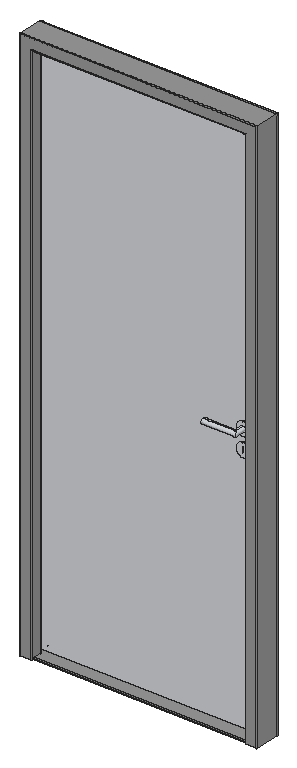
Revit family "Daloc T10 snabbsortiment", category Doors, host Wall, Revit 2017
Family settings
  Host = Wall
  OmniClass Number = 23.30.10.00
  OmniClass Title = Doors
  Always vertical = Yes
  Cut with Voids When Loaded = No
  Shared = No
  Room Calculation Point = No
Parameters (values of type "9x21")
  Vänsterhängd [instance] = no
  Visa kollisionskontroll [instance] = no
  Tröskeltyp V [instance] = no
  Tröskeltyp L [instance] = no
  Tröskeltyp H [instance] = no
  Tröskeltyp G [instance] = no
  Tröskeltyp CH [instance] = no
  Tröskeltyp CG [instance] = no
  Tröskeltyp B [instance] = yes
  Släplist extrusion end [instance] = Dörrblad bredd + 33 mm  # 857 mm
  Släplist [instance] = or(Tröskeltyp CH, Tröskeltyp CG, Tröskeltyp B)  # yes
  Rough Width = Modulbredd * 100 mm  # 900 mm
  Monteringshål 99 till 130 [instance] = or(Dörrkarm 45x118, Dörrkarm 45x122, Dörrkarm 45x145)  # no
  Monteringshål 68 till 98 [instance] = or(Dörrkarm 45x68, Dörrkarm 45x92, Dörrkarm 45x98)  # yes
  Modulhöjd [instance] = 21  # constant formula
  Kulör dörrblad [instance] = none
  Kollisionskontroll vänster [instance] = and(Vänsterhängd, Visa kollisionskontroll)  # no
  Kollisionskontroll höger [instance] = and(Högerhängd, Visa kollisionskontroll)  # no
  Högerhängd [instance] = yes
  Function = Interior
  Frigång [instance] = Daloc kollisionskontroll
  Frame Projection Ext. = 25 mm
  Frame Projection Int. = 25 mm
  Frame Width = 75 mm
  Height = 2100 mm
  Wall Closure = By host
  Width = Modulbredd * 100 mm  # 900 mm
  Modulbredd = 9
  Extra monteringshål 92 till 98 [instance] = and(Extra monteringshål, or(Dörrkarm 45x92, Dörrkarm 45x98))  # no
  Extra monteringshål [instance] = no
  End extrusion kollisionsvolymer [instance] = Dörrblad ÖK + 15 mm  # 2060 mm
  Dörrstängare Vänster G [instance] = and(Vänsterhängd, Dörrstängare G sida)  # no
  Dörrstängare Vänster A [instance] = and(Vänsterhängd, Dörrstängare A sida)  # no
  Dörrstängare Höger G [instance] = and(Högerhängd, Dörrstängare G sida)  # no
  Dörrstängare Höger A [instance] = and(Högerhängd, Dörrstängare A sida)  # no
  Dörrstängare G sida [instance] = no
  Dörrstängare A sida [instance] = no
  Dörrkarm 45x98 [instance] = yes
  Dörrkarm 45x92 [instance] = no
  Dörrkarm 45x68 [instance] = no
  Dörrkarm 45x145 [instance] = no
  Dörrkarm 45x122 [instance] = no
  Dörrkarm 45x118 [instance] = no
  Dörrblad ÖK [instance] = Height - 55 mm  # 2045 mm
  Dörrblad tjocklek [instance] = 48 mm  # constant formula
  Dörrblad bredd [instance] = Width - 76 mm  # 824 mm
  Dörrblad UK [instance] = 15 mm
  Datablad [instance] = "http://www.dorrkatalogen.daloc.se/tradorrar/T10/"
Types (4, lengths in mm): name | Släplist extrusion end | Rough Width | Width | Modulbredd | Dörrblad bredd
  (no name) | 857 | 900 | 900 | 9 | 824
  8x21 | 757 | 800 | 800 | 8 | 724
  9x21 | 857 | 900 | 900 | 9 | 824
  10x21 | 957 | 1000 | 1000 | 10 | 924
Reference planes
  plane 1: y = 0
  plane 2 "Center (Left/Right)": x = 0
  plane 3 "Left": x = -450
  plane 4 "Right": x = 450
  plane 5: z = 2100
  plane 6 "Exterior": y = 75
  plane 7 "Interior": y = -75
  plane 8: x = 445
  plane 9: x = -445
  plane 10: z = 2093
  plane 11 "tröskel h": x = -430
  plane 12 "tröskel v": x = 430
Forms (mm)
  Sweep 1, solid, material "Daloc dörrkarm VIT S 0500-N", visible <- "Dörrkarm 45x145"
    path origin (0, 75, 0) x (1, 0, 0) y (0, 0, 1)
      loop
        line (445, 0) -> (445, 2093) -> (-445, 2093) -> (-445, 0)
    profile "Träkarm_Profil_45 : 45x145" origin (445, 75, 1046.5) x (-1, 0, 0) y (0, -1, 0)
      loop
        arc (27, 0) -> (29.121, 0.879) -> (30, 3) r 3
        line (30, 3) -> (30, 51)
        arc (30, 51) -> (30.293, 51.707) -> (31, 52) r 1
        line (31, 52) -> (42, 52)
        arc (42, 52) -> (44.121, 52.879) -> (45, 55) r 3
        line (45, 55) -> (45, 142)
        arc (45, 142) -> (44.121, 144.121) -> (42, 145) r 3
        line (42, 145) -> (3, 145)
        arc (3, 145) -> (0.879, 144.121) -> (0, 142) r 3
        line (0, 142) -> (0, 3)
        arc (0, 3) -> (0.879, 0.879) -> (3, 0) r 3
        line (3, 0) -> (27, 0)
  Sweep 2, solid, material "Daloc dörrkarm VIT S 0500-N", visible <- "Dörrkarm 45x122"
    path origin (0, 75, 0) x (1, 0, 0) y (0, 0, 1)
      loop
        line (445, 0) -> (445, 2093) -> (-445, 2093) -> (-445, 0)
    profile "Träkarm_Profil_45 : 45x122" origin (445, 75, 1046.5) x (-1, 0, 0) y (0, -1, 0)
      loop
        arc (27, 0) -> (29.121, 0.879) -> (30, 3) r 3
        line (30, 3) -> (30, 51)
        arc (30, 51) -> (30.293, 51.707) -> (31, 52) r 1
        line (31, 52) -> (42, 52)
        arc (42, 52) -> (44.121, 52.879) -> (45, 55) r 3
        line (45, 55) -> (45, 119)
        arc (45, 119) -> (44.121, 121.121) -> (42, 122) r 3
        line (42, 122) -> (3, 122)
        arc (3, 122) -> (0.879, 121.121) -> (0, 119) r 3
        line (0, 119) -> (0, 3)
        arc (0, 3) -> (0.879, 0.879) -> (3, 0) r 3
        line (3, 0) -> (27, 0)
  Sweep 3, solid, material "Daloc dörrkarm VIT S 0500-N", visible <- "Dörrkarm 45x118"
    path origin (0, 75, 0) x (1, 0, 0) y (0, 0, 1)
      loop
        line (445, 0) -> (445, 2093) -> (-445, 2093) -> (-445, 0)
    profile "Träkarm_Profil_45 : 45x118" origin (445, 75, 1046.5) x (-1, 0, 0) y (0, -1, 0)
      loop
        arc (27, 0) -> (29.121, 0.879) -> (30, 3) r 3
        line (30, 3) -> (30, 51)
        arc (30, 51) -> (30.293, 51.707) -> (31, 52) r 1
        line (31, 52) -> (42, 52)
        arc (42, 52) -> (44.121, 52.879) -> (45, 55) r 3
        line (45, 55) -> (45, 115)
        arc (45, 115) -> (44.121, 117.121) -> (42, 118) r 3
        line (42, 118) -> (3, 118)
        arc (3, 118) -> (0.879, 117.121) -> (0, 115) r 3
        line (0, 115) -> (0, 3)
        arc (0, 3) -> (0.879, 0.879) -> (3, 0) r 3
        line (3, 0) -> (27, 0)
  Sweep 4, solid, material "Daloc dörrkarm VIT S 0500-N", visible <- "Dörrkarm 45x98"
    path origin (0, 75, 0) x (1, 0, 0) y (0, 0, 1)
      loop
        line (445, 0) -> (445, 2093) -> (-445, 2093) -> (-445, 0)
    profile "Träkarm_Profil_45 : 45x98" origin (445, 75, 1046.5) x (-1, 0, 0) y (0, -1, 0)
      loop
        arc (27, 0) -> (29.121, 0.879) -> (30, 3) r 3
        line (30, 3) -> (30, 51)
        arc (30, 51) -> (30.293, 51.707) -> (31, 52) r 1
        line (31, 52) -> (42, 52)
        arc (42, 52) -> (44.121, 52.879) -> (45, 55) r 3
        line (45, 55) -> (45, 95)
        arc (45, 95) -> (44.121, 97.121) -> (42, 98) r 3
        line (42, 98) -> (3, 98)
        arc (3, 98) -> (0.879, 97.121) -> (0, 95) r 3
        line (0, 95) -> (0, 3)
        arc (0, 3) -> (0.879, 0.879) -> (3, 0) r 3
        line (3, 0) -> (27, 0)
  Sweep 5, solid, material "Daloc dörrkarm VIT S 0500-N", visible <- "Dörrkarm 45x92"
    path origin (0, 75, 0) x (1, 0, 0) y (0, 0, 1)
      loop
        line (445, 0) -> (445, 2093) -> (-445, 2093) -> (-445, 0)
    profile "Träkarm_Profil_45 : 45x92" origin (445, 75, 1046.5) x (-1, 0, 0) y (0, -1, 0)
      loop
        arc (27, 0) -> (29.121, 0.879) -> (30, 3) r 3
        line (30, 3) -> (30, 51)
        arc (30, 51) -> (30.293, 51.707) -> (31, 52) r 1
        line (31, 52) -> (42, 52)
        arc (42, 52) -> (44.121, 52.879) -> (45, 55) r 3
        line (45, 55) -> (45, 89)
        arc (45, 89) -> (44.121, 91.121) -> (42, 92) r 3
        line (42, 92) -> (3, 92)
        arc (3, 92) -> (0.879, 91.121) -> (0, 89) r 3
        line (0, 89) -> (0, 3)
        arc (0, 3) -> (0.879, 0.879) -> (3, 0) r 3
        line (3, 0) -> (27, 0)
  Sweep 6, solid, material "Daloc dörrkarm VIT S 0500-N", visible <- "Dörrkarm 45x68"
    path origin (0, 75, 0) x (1, 0, 0) y (0, 0, 1)
      loop
        line (445, 0) -> (445, 2093) -> (-445, 2093) -> (-445, 0)
    profile "Träkarm_Profil_45 : 45x68" origin (445, 75, 1046.5) x (-1, 0, 0) y (0, -1, 0)
      loop
        arc (27, 0) -> (29.121, 0.879) -> (30, 3) r 3
        line (30, 3) -> (30, 51)
        arc (30, 51) -> (30.293, 51.707) -> (31, 52) r 1
        line (31, 52) -> (42, 52)
        arc (42, 52) -> (44.121, 52.879) -> (45, 55) r 3
        line (45, 55) -> (45, 65)
        arc (45, 65) -> (44.121, 67.121) -> (42, 68) r 3
        line (42, 68) -> (3, 68)
        arc (3, 68) -> (0.879, 67.121) -> (0, 65) r 3
        line (0, 65) -> (0, 3)
        arc (0, 3) -> (0.879, 0.879) -> (3, 0) r 3
        line (3, 0) -> (27, 0)
  Extrusion 7, solid, material "Daloc tröskel EK", visible <- "Tröskeltyp H"
    sketch origin (0, 1371.396, -1281.888) x (0, 1, 0) y (0, 0, 1)
      loop
        arc (-1387.333, 1301.886) -> (-1386.455, 1304.007) -> (-1384.333, 1304.886) r 3.001
        line (-1384.333, 1304.886) -> (-1348.885, 1304.886)
        arc (-1348.885, 1304.886) -> (-1347.827, 1304.448) -> (-1347.388, 1303.39) r 1.496
        line (-1347.388, 1303.39) -> (-1347.388, 1291.888) -> (-1299.396, 1291.888)
        arc (-1299.396, 1291.888) -> (-1297.275, 1291.009) -> (-1296.396, 1288.888) r 3
        line (-1296.396, 1288.888) -> (-1296.396, 1281.888) -> (-1387.396, 1281.888) -> (-1387.396, 1301.888)
    from -430 to 430
  Extrusion 8, solid, material "Daloc tröskel EK", visible <- "Tröskeltyp L"
    sketch origin (0, 1286.671, -1742.654) x (0, 1, 0) y (0, 0, 1)
      loop
        arc (-1211.671, 1749.654) -> (-1212.55, 1751.776) -> (-1214.671, 1752.654) r 3
        line (-1214.671, 1752.654) -> (-1266.671, 1752.654)
        arc (-1266.671, 1752.654) -> (-1267.378, 1752.947) -> (-1267.671, 1753.654) r 1
        line (-1267.671, 1753.654) -> (-1267.671, 1762.654)
        arc (-1267.671, 1762.654) -> (-1268.55, 1764.776) -> (-1270.671, 1765.654) r 3
        line (-1270.671, 1765.654) -> (-1300.671, 1765.654)
        arc (-1300.671, 1765.654) -> (-1302.792, 1764.776) -> (-1303.671, 1762.654) r 3
        line (-1303.671, 1762.654) -> (-1303.671, 1742.654) -> (-1211.671, 1742.654) -> (-1211.671, 1749.654)
    from -430 to 430
  Extrusion 9, solid, material "Daloc tröskel EK", visible <- "Tröskeltyp B"
    sketch origin (0, 1891.855, -1544.4) x (0, 1, 0) y (0, 0, 1)
      loop
        arc (-1816.855, 1550.4) -> (-1817.441, 1551.814) -> (-1818.855, 1552.4) r 2
        line (-1818.855, 1552.4) -> (-1906.855, 1552.4)
        arc (-1906.855, 1552.4) -> (-1908.269, 1551.814) -> (-1908.855, 1550.4) r 2
        line (-1908.855, 1550.4) -> (-1908.855, 1544.4) -> (-1816.855, 1544.4) -> (-1816.855, 1550.4)
    from -430 to 430
  Extrusion 10, solid, material "ABS Plastic", visible <- "Tröskeltyp CH"
    sketch origin (0, 1957.784, -1780.388) x (0, 1, 0) y (0, 0, 1)
      loop
        arc (-1882.784, 1783.388) -> (-1917.784, 1790.388) -> (-1952.784, 1783.388) r 91
        line (-1952.784, 1783.388) -> (-1952.784, 1780.388) -> (-1882.784, 1780.388) -> (-1882.784, 1783.388)
    from -430 to 430
  Extrusion 11, solid, material "Daloc tröskel EK", visible <- "Tröskeltyp G"
    sketch origin (0, 1271.835, -1459.847) x (0, 1, 0) y (0, 0, 1)
      loop
        line (-1196.835, 1459.847) -> (-1196.835, 1466.847)
        arc (-1196.835, 1466.847) -> (-1197.713, 1468.968) -> (-1199.835, 1469.847) r 3
        line (-1199.835, 1469.847) -> (-1247.835, 1469.847) -> (-1247.835, 1481.347)
        arc (-1247.835, 1481.347) -> (-1248.274, 1482.408) -> (-1249.335, 1482.847) r 1.5
        line (-1249.335, 1482.847) -> (-1267.835, 1482.847)
        arc (-1267.835, 1482.847) -> (-1268.402, 1482.793) -> (-1268.949, 1482.632) r 3
        line (-1268.949, 1482.632) -> (-1285.949, 1477.632)
        arc (-1285.949, 1477.632) -> (-1287.319, 1476.529) -> (-1287.835, 1474.847) r 3
        line (-1287.835, 1474.847) -> (-1287.835, 1459.847) -> (-1196.835, 1459.847)
    from -430 to 430
  Extrusion 12, solid, material "Daloc tröskel EK", visible <- "Tröskeltyp V"
    sketch origin (0, 1480.056, -1792.621) x (0, 1, 0) y (0, 0, 1)
      loop
        arc (-1405.056, 1799.621) -> (-1405.934, 1801.742) -> (-1408.056, 1802.621) r 3
        line (-1408.056, 1802.621) -> (-1460.056, 1802.621)
        arc (-1460.056, 1802.621) -> (-1460.763, 1802.914) -> (-1461.056, 1803.621) r 1
        line (-1461.056, 1803.621) -> (-1461.056, 1812.621)
        arc (-1461.056, 1812.621) -> (-1461.934, 1814.742) -> (-1464.056, 1815.621) r 3
        line (-1464.056, 1815.621) -> (-1494.056, 1815.621)
        arc (-1494.056, 1815.621) -> (-1496.177, 1814.742) -> (-1497.056, 1812.621) r 3
        line (-1497.056, 1812.621) -> (-1497.056, 1807.621) -> (-1494.056, 1807.621) -> (-1494.056, 1792.621) -> (-1405.056, 1792.621) -> (-1405.056, 1799.621)
    from -430 to 430
  Extrusion 13, solid, material "ABS Plastic", visible <- "Tröskeltyp CG"
    sketch origin (0, 751.018, -810.252) x (0, 1, 0) y (0, 0, 1)
      loop
        line (-667.018, 811.099) -> (-677.327, 811.584) -> (-676.018, 815.599) -> (-685.018, 815.599)
        arc (-685.018, 815.599) -> (-715.018, 820.599) -> (-745.018, 815.599) r 92.5
        line (-745.018, 815.599) -> (-754.018, 815.599) -> (-752.708, 811.584) -> (-763.018, 811.099) -> (-763.018, 810.252) -> (-667.018, 810.252) -> (-667.018, 811.099)
    from -430 to 430
  Extrusion 14, solid, material "Stainless Steel", visible <- "Högerhängd"
    sketch origin (0, 0, 0) x (1, 0, 0) y (0, 1, 0)
      loop
        circle (-412, 83.5) r 8.5
    from 190 to 310
  Extrusion 15, solid, material "Stainless Steel", visible <- "Högerhängd"
    sketch origin (0, 0, 0) x (1, 0, 0) y (0, 1, 0)
      loop
        circle (-412, 83.5) r 8.5
    from 1730 to 1858
  Extrusion 16, solid, material "Stainless Steel", visible <- "Vänsterhängd"
    sketch origin (0, 0, 0) x (1, 0, 0) y (0, 1, 0)
      loop
        circle (412, 83.5) r 8.5
    from 190 to 310
  Extrusion 17, solid, material "Stainless Steel", visible <- "Vänsterhängd"
    sketch origin (0, 0, 0) x (1, 0, 0) y (0, 1, 0)
      loop
        circle (412, 83.5) r 8.5
    from 1730 to 1858
  Extrusion 18, solid, material "Daloc kollisionskontroll" <- "Frigång", visible <- "Kollisionskontroll höger"
    sketch origin (0, 0, 0) x (1, 0, 0) y (0, 1, 0)
      loop
        line (-412, 75) -> (412, 75)
        arc (412, 75) -> (-340.184, 895.864) -> (-1223.482, 218.086) r 824
        line (-1223.482, 218.086) -> (-412, 75)
    from 15 <- "Dörrblad UK" to 2060 <- "End extrusion kollisionsvolymer"
  Extrusion 19, solid, material "Daloc kollisionskontroll" <- "Frigång", visible <- "Kollisionskontroll vänster"
    sketch origin (0, 0, 0) x (1, 0, 0) y (0, 1, 0)
      loop
        line (412, 75) -> (1223.482, 218.086)
        arc (1223.482, 218.086) -> (340.184, 895.864) -> (-412, 75) r 824
        line (-412, 75) -> (412, 75)
    from 15 <- "Dörrblad UK" to 2060 <- "End extrusion kollisionsvolymer"
  Extrusion 20, solid, material "Hål", visible <- "Monteringshål 68 till 98"
    sketch origin (-445, 300, -532.866) x (0, 0, -1) y (0, 1, 0)
      loop
        circle (-729.866, -258) r 7
      loop
        circle (-1319.866, -258) r 7
      loop
        circle (-2006.866, -258) r 7
      loop
        circle (-2428.866, -258) r 7
    from 0 to 30.1
  Extrusion 21, solid, material "Hål", visible <- "Monteringshål 68 till 98"
    sketch origin (445, 300, 2968.966) x (0, 0, 1) y (0, 1, 0)
      loop
        circle (-2771.966, -258) r 7
      loop
        circle (-2181.966, -258) r 7
      loop
        circle (-1494.966, -258) r 7
      loop
        circle (-1072.966, -258) r 7
    from 0 to 30.1
  Extrusion 22, solid, material "Hål", visible <- "Extra monteringshål 92 till 98"
    sketch origin (445, 300, 2968.966) x (0, 0, 1) y (0, 1, 0)
      loop
        circle (-2771.966, -291) r 7
      loop
        circle (-2181.966, -291) r 7
      loop
        circle (-1494.966, -291) r 7
      loop
        circle (-1072.966, -291) r 7
    from 0 to 45.1
  Extrusion 23, solid, material "Hål", visible <- "Extra monteringshål 92 till 98"
    sketch origin (-445, 300, -532.866) x (0, 0, -1) y (0, 1, 0)
      loop
        circle (-729.866, -291) r 7
      loop
        circle (-1319.866, -291) r 7
      loop
        circle (-2006.866, -291) r 7
      loop
        circle (-2428.866, -291) r 7
    from 0 to 45.1
  Extrusion 24, solid, material "Hål", visible <- "Monteringshål 99 till 130"
    sketch origin (-445, 300, -532.866) x (0, 0, -1) y (0, 1, 0)
      loop
        circle (-2428.866, -291) r 7
      loop
        circle (-2006.866, -291) r 7
      loop
        circle (-1319.866, -291) r 7
      loop
        circle (-729.866, -291) r 7
    from 0 to 45.1
  Extrusion 25, solid, material "Hål", visible <- "Monteringshål 99 till 130"
    sketch origin (445, 300, 2968.966) x (0, 0, 1) y (0, 1, 0)
      loop
        circle (-1072.966, -291) r 7
      loop
        circle (-1494.966, -291) r 7
      loop
        circle (-2181.966, -291) r 7
      loop
        circle (-2771.966, -291) r 7
    from 0 to 45.1
  Extrusion 26, solid, material "Hål", visible <- "Dörrkarm 45x145"
    sketch origin (-445, 300, -532.866) x (0, 0, -1) y (0, 1, 0)
      loop
        circle (-729.866, -330) r 7
      loop
        circle (-1319.866, -330) r 7
      loop
        circle (-2006.866, -330) r 7
      loop
        circle (-2428.866, -330) r 7
    from 0 to 45.1
  Extrusion 27, solid, material "Hål", visible <- "Dörrkarm 45x145"
    sketch origin (445, 300, 2968.966) x (0, 0, 1) y (0, 1, 0)
      loop
        circle (-2771.966, -330) r 7
      loop
        circle (-2181.966, -330) r 7
      loop
        circle (-1494.966, -330) r 7
      loop
        circle (-1072.966, -330) r 7
    from 0 to 45.1
  Extrusion 28, solid, material "Rubber, Natural", visible <- "Släplist"
    sketch origin (-445, -1181.712, -1921.557) x (0, 0, -1) y (0, 1, 0)
      loop
        line (-1936.557, 1226.964) -> (-1933.555, 1226.964)
        arc (-1933.555, 1226.964) -> (-1931.269, 1231.819) -> (-1930.45, 1237.122) r 18.772
        arc (-1930.45, 1237.122) -> (-1931.543, 1232.868) -> (-1933.555, 1228.964) r 19.616
        line (-1933.555, 1228.964) -> (-1933.555, 1236.964)
        arc (-1933.555, 1236.964) -> (-1929.854, 1241.135) -> (-1928.451, 1246.531) r 11.932
        arc (-1928.451, 1246.531) -> (-1930.372, 1242.322) -> (-1933.555, 1238.964) r 14.051
        line (-1933.555, 1238.964) -> (-1936.557, 1238.964) -> (-1936.557, 1226.964)
    from 33 to 857 <- "Släplist extrusion end"
Lines and regions (mm)
  Opening 1
    outline origin (-3050, -75, 0) x (1, 0, 0) y (0, 0, 1)
      loop
        line (2600, 0) -> (3500, 0) -> (3500, 2100) -> (2600, 2100) -> (2600, 0)
  symbolic lines, style "Elevation Swing"
    curve 1: line (450, -75, 1050) -> (-450, -75, 2100)
    curve 2: line (450, -75, 1050) -> (-450, -75, 0)
  symbolic lines, visible <- "Högerhängd"
    curve 3: line (-412, 75, 0) -> (-1223.482, 218.086, 0)
    curve 4: arc (-1223.482, 218.086, 0) -> (-340.184, 895.864, 0) -> (412, 75, 0) r 824
  symbolic lines, visible <- "Vänsterhängd"
    curve 5: line (412, 75, 0) -> (1223.482, 218.086, 0)
    curve 6: arc (1223.482, 218.086, 0) -> (340.184, 895.864, 0) -> (-412, 75, 0) r 824
Text (mm)
  text "Exterior" at (-2295.016, 1099.543, 0), in view "Ref. Level"
  text "Exterior" at (0, 1615.38, 3698.081), in view "Left"
  text "Exterior" at (0, 1036.032, 3874.932), in view "Right"
Dimensions and locks
  equal spacing: plane 3 "Left", plane 2 "Center (Left/Right)", plane 4 "Right"
  "Width": plane 3 "Left" to plane 4 "Right"
  "Height": plane 5 to host wall
  equal spacing: host wall, curve 2, plane 5
  host wall to plane 5 = 2100 mm
  locked: plane 6 "Exterior" to host wall at 0
  locked: plane 7 "Interior" to host wall
  locked: plane 8 to plane 4 "Right" at 5
  locked: plane 3 "Left" to plane 9 at 5
  locked: plane 10 to plane 5 at 7
  locked: nested 3 to nested 1 at 55
  locked: nested 1 to nested 2 at 55
  locked: nested 4 to nested 1 at 55
  locked: nested 1 to nested 5 at 55
  locked: plane 6 "Exterior" to Extrusion 8 at 0
  locked: Extrusion 8 to level
  locked: plane 6 "Exterior" to Extrusion 9 at 0
  locked: Extrusion 9 to level
  locked: Extrusion 10 to level
  locked: plane 6 "Exterior" to Extrusion 10 at 0
  locked: plane 6 "Exterior" to Extrusion 11 at 0
  locked: Extrusion 11 to level
  locked: plane 6 "Exterior" to Extrusion 12 at 0
  locked: Extrusion 12 to level
  locked: plane 6 "Exterior" to nested 6 at 0
  locked: plane 6 "Exterior" to nested 7 at 0
  locked: nested 1 to Extrusion 14 sketch curve at 8.5
  locked: nested 1 to Extrusion 14 sketch curve at 0
  locked: nested 1 to Extrusion 15 sketch curve at 8.5
  locked: nested 1 to Extrusion 15 sketch curve
  nested 1 to Extrusion 16 sketch curve = 8.5 mm
  Extrusion 16 sketch curve to nested 1 = 0 mm
  nested 1 to Extrusion 17 sketch curve = 8.5 mm
  Extrusion 17 sketch curve to nested 1 = 0 mm
  "Dörrblad bredd": curve 3 to curve 3
  locked: curve 3 to nested 1
  locked: nested 1 to curve 3
  "Dörrblad bredd": curve 5 to curve 5
  locked: nested 1 to curve 5 at 0  (x2)
  locked: plane 3 "Left" to plane 11 "tröskel h" at 20
  locked: plane 12 "tröskel v" to plane 4 "Right" at 20
  locked: Extrusion 20 sketch curve to level at 197
  locked: Extrusion 20 sketch curve to level at 787
  locked: Extrusion 20 sketch curve to level at 1474
  locked: Extrusion 20 sketch curve to level at 1896
  locked: plane 6 "Exterior" to Extrusion 20 sketch curve at 33  (x4)
  locked: Extrusion 22 sketch curve to level at 197
  locked: Extrusion 22 sketch curve to level at 787
  locked: Extrusion 22 sketch curve to level at 1474
  locked: Extrusion 22 sketch curve to level at 1896
  locked: Extrusion 22 sketch curve to plane 6 "Exterior" at 66  (x3)
  Extrusion 22 sketch curve to plane 6 "Exterior" = 66 mm
  locked: Extrusion 26 sketch curve to level at 197
  locked: Extrusion 26 sketch curve to level at 787
  locked: Extrusion 26 sketch curve to level at 1474
  locked: Extrusion 26 sketch curve to level at 1896
  locked: plane 6 "Exterior" to Extrusion 26 sketch curve at 105  (x4)
  locked: nested 1 to nested 6 at 67
  locked: nested 7 to nested 1 at 67
  locked: nested 1 to nested 8 at 67
  locked: nested 9 to nested 1 at 67
  locked: level to Extrusion 13 at 0
  locked: Extrusion 13 to plane 6 "Exterior" at 9
  locked: Extrusion 10 sketch curve to Extrusion 10 sketch curve at 3
  locked: nested 1 to Extrusion 28 at 0
  locked: Extrusion 28 to nested 1 at 18.252
  Extrusion 13 sketch curve to Extrusion 13 sketch curve = 5.348 mm
  locked: Extrusion 13 sketch curve to Extrusion 13 sketch curve at 4.223
  locked: Extrusion 13 sketch curve to Extrusion 13 sketch curve at 78
  locked: Extrusion 10 sketch curve to Extrusion 10 sketch curve at 70
  locked: Extrusion 13 sketch curve to Extrusion 13 sketch curve at 9
  Extrusion 12 sketch curve to Extrusion 12 sketch curve = 89 mm
  Extrusion 12 sketch curve to Extrusion 12 sketch curve = 56 mm
  Extrusion 7 sketch curve to Extrusion 7 sketch curve = 50.992 mm
  plane 6 "Exterior" to Extrusion 7 sketch curve = 91 mm
  Extrusion 9 sketch curve to Extrusion 9 sketch curve = 92 mm
  Extrusion 11 sketch curve to Extrusion 11 sketch curve = 51 mm
  Extrusion 11 sketch curve to Extrusion 11 sketch curve = 91 mm
  Extrusion 11 sketch curve to Extrusion 11 sketch curve = 18.5 mm
  Extrusion 11 sketch curve to Extrusion 11 sketch curve = 17.72 mm
  Extrusion 8 sketch curve to Extrusion 8 sketch curve = 56 mm
  Extrusion 8 sketch curve to Extrusion 8 sketch curve = 36 mm
  radius of Extrusion 10 sketch curve = 91 mm
  radius of Extrusion 13 sketch curve = 92.5 mm
  locked: nested 1 to curve 3 (angle 170.00°)
  locked: curve 5 to nested 1 (angle 170.00°)
  aligned and locked: plane 3 "Left" to Opening 1 sketch curve
  aligned and locked: plane 5 to Opening 1 sketch curve  (x2)
  aligned and locked: Opening 1 sketch curve to plane 4 "Right"
  aligned and locked: Opening 1 sketch curve to level
  aligned and locked: plane 5 to curve 1
  aligned and locked: plane 3 "Left" to curve 2
  aligned and locked: plane 1 to host wall
  aligned and locked: plane 3 "Left" to curve 1
  aligned and locked: plane 2 "Center (Left/Right)" to nested 1
  aligned and locked: plane 6 "Exterior" to nested 1
  aligned and locked: Sweep 1 sketch curve to plane 8
  aligned and locked: plane 10 to Sweep 1 sketch curve
  aligned and locked: Sweep 1 sketch curve to plane 9
  aligned and locked: Sweep 2 sketch curve to Sweep 1  (x3)
  aligned and locked: Sweep 3 sketch curve to Sweep 1  (x3)
  aligned and locked: Sweep 4 sketch curve to Sweep 1  (x3)
  aligned and locked: Sweep 5 sketch curve to Sweep 1  (x3)
  aligned and locked: Sweep 6 sketch curve to Sweep 1  (x3)
  aligned and locked: nested 3 to nested 1
  aligned and locked: nested 1 to nested 2
  aligned and locked: nested 4 to nested 1
  aligned and locked: nested 1 to nested 5
  aligned and locked: Extrusion 7 to plane 6 "Exterior"
  aligned and locked: nested 1 to plane 6 "Exterior"
  aligned and locked: Extrusion 18 sketch curve to curve 3
  aligned and locked: Extrusion 18 sketch curve to curve 4
  aligned and locked: Extrusion 18 sketch curve to nested 1
  aligned and locked: Extrusion 19 sketch curve to curve 5
  aligned and locked: Extrusion 19 sketch curve to curve 6
  aligned and locked: Extrusion 19 sketch curve to nested 1
  aligned and locked: Extrusion 10 to plane 11 "tröskel h"
  aligned and locked: Extrusion 11 to Extrusion 10  (x2)
  aligned and locked: Extrusion 12 to Extrusion 10
  aligned and locked: Extrusion 7 to Extrusion 10  (x2)
  aligned and locked: Extrusion 8 to Extrusion 7  (x2)
  aligned and locked: Extrusion 9 to Extrusion 7  (x2)
  aligned and locked: plane 12 "tröskel v" to Extrusion 10
  aligned and locked: Extrusion 12 to Extrusion 7
  aligned and locked: Extrusion 20 to plane 9
  aligned and locked: Extrusion 21 sketch curve to Extrusion 20  (x7)
  aligned and locked: Extrusion 23 sketch curve to Extrusion 22  (x8)
  aligned and locked: Extrusion 24 sketch curve to Extrusion 23  (x8)
  aligned and locked: Extrusion 25 sketch curve to Extrusion 22  (x8)
  aligned and locked: Extrusion 27 sketch curve to Extrusion 26  (x8)
  aligned and locked: nested 8 to nested 1
  aligned and locked: Extrusion 13 to Extrusion 7
  aligned and locked: Extrusion 7 to Extrusion 13
  aligned and locked: nested 1 to Extrusion 28
Automatic sketch dimensions
  curve 2 to level = 0 mm
  plane 4 "Right" to curve 2 = 0 mm
  Sweep 1 sketch curve to level = 0 mm  (x2)
  Sweep 2 sketch curve to level = 0 mm  (x2)
  Sweep 3 sketch curve to level = 0 mm  (x2)
  Sweep 4 sketch curve to level = 0 mm  (x2)
  Sweep 5 sketch curve to level = 0 mm  (x2)
  Sweep 6 sketch curve to level = 0 mm  (x2)
  Extrusion 7 sketch curve to level = 0 mm
  Extrusion 7 sketch curve to host wall = 0 mm
  Extrusion 7 sketch curve to host wall = 3 mm
  Extrusion 7 sketch curve to Extrusion 7 sketch curve = 1.496 mm
  level to Extrusion 7 sketch curve = 7 mm
  level to Extrusion 7 sketch curve = 19.998 mm
  Extrusion 7 sketch curve to Extrusion 7 sketch curve = 11.502 mm
  Extrusion 7 sketch curve to Extrusion 7 sketch curve = 0.002 mm
  Extrusion 8 sketch curve to level = 0 mm
  Extrusion 8 sketch curve to host wall = 0 mm
  Extrusion 8 sketch curve to host wall = 3 mm
  Extrusion 8 sketch curve to Extrusion 8 sketch curve = 1 mm
  Extrusion 8 sketch curve to Extrusion 8 sketch curve = 3 mm  (x2)
  level to Extrusion 8 sketch curve = 7 mm
  Extrusion 8 sketch curve to Extrusion 8 sketch curve = 9 mm
  Extrusion 9 sketch curve to level = 0 mm
  Extrusion 9 sketch curve to host wall = 0 mm
  Extrusion 9 sketch curve to host wall = 2 mm
  level to Extrusion 9 sketch curve = 8 mm
  Extrusion 9 sketch curve to Extrusion 9 sketch curve = 2 mm
  Extrusion 10 sketch curve to level = 0 mm
  Extrusion 10 sketch curve to host wall = 0 mm
  level to Extrusion 10 sketch curve = 3 mm
  Extrusion 11 sketch curve to level = 0 mm
  Extrusion 11 sketch curve to host wall = 0 mm
  Extrusion 11 sketch curve to host wall = 3 mm
  Extrusion 11 sketch curve to Extrusion 11 sketch curve = 1.5 mm
  Extrusion 11 sketch curve to Extrusion 11 sketch curve = 1.114 mm  (x2)
  Extrusion 11 sketch curve to Extrusion 11 sketch curve = 3 mm
  level to Extrusion 11 sketch curve = 7 mm
  Extrusion 11 sketch curve to Extrusion 11 sketch curve = 5 mm
  Extrusion 11 sketch curve to Extrusion 11 sketch curve = 11.5 mm
  Extrusion 12 sketch curve to level = 0 mm
  Extrusion 12 sketch curve to host wall = 0 mm
  Extrusion 12 sketch curve to host wall = 3 mm
  Extrusion 12 sketch curve to Extrusion 12 sketch curve = 1 mm
  Extrusion 12 sketch curve to Extrusion 12 sketch curve = 3 mm  (x2)
  level to Extrusion 12 sketch curve = 7 mm
  level to Extrusion 12 sketch curve = 15 mm
  Extrusion 12 sketch curve to Extrusion 12 sketch curve = 9 mm
  level to Extrusion 13 sketch curve = 5.348 mm
  host wall to Extrusion 13 sketch curve = 0 mm
  Extrusion 13 sketch curve to host wall = 1.309 mm
  Extrusion 13 sketch curve to Extrusion 13 sketch curve = 7.691 mm
  Extrusion 13 sketch curve to Extrusion 13 sketch curve = 10.309 mm
  host wall to Extrusion 13 sketch curve = 9 mm
  level to Extrusion 13 sketch curve = 1.333 mm  (x2)
  level to Extrusion 13 sketch curve = 0.848 mm  (x2)
  Extrusion 13 sketch curve to Extrusion 13 sketch curve = 0.848 mm
  Extrusion 21 sketch curve to Extrusion 21 sketch curve = 0 mm  (x8)
  Extrusion 23 sketch curve to Extrusion 23 sketch curve = 0 mm  (x8)
  Extrusion 24 sketch curve to Extrusion 24 sketch curve = 0 mm  (x8)
  Extrusion 25 sketch curve to Extrusion 25 sketch curve = 0 mm  (x8)
  Extrusion 27 sketch curve to Extrusion 27 sketch curve = 0 mm  (x8)
  Extrusion 28 sketch curve to Extrusion 28 sketch curve = 0.655 mm
  Extrusion 28 sketch curve to Extrusion 28 sketch curve = 7.855 mm
  Extrusion 28 sketch curve to Extrusion 28 sketch curve = 1.639 mm
  level to Extrusion 28 sketch curve = 15 mm
  Extrusion 28 sketch curve to Extrusion 28 sketch curve = 3.002 mm
  Extrusion 28 sketch curve to Extrusion 28 sketch curve = 0 mm  (x2)
  Extrusion 28 sketch curve to host wall = 29.748 mm
  Extrusion 28 sketch curve to Extrusion 28 sketch curve = 2 mm  (x2)
  Extrusion 28 sketch curve to Extrusion 28 sketch curve = 10.343 mm
  Extrusion 28 sketch curve to Extrusion 28 sketch curve = 10 mm
  Extrusion 28 sketch curve to Extrusion 28 sketch curve = 2.54 mm
  Extrusion 28 sketch curve to Extrusion 28 sketch curve = 7.787 mm
  Extrusion 28 sketch curve to Extrusion 28 sketch curve = 3.428 mm
  level to Extrusion 28 sketch curve = 6.894 mm
  Extrusion 12 sketch curve to Extrusion 12 sketch curve = 0 mm
  Extrusion 7 sketch curve to Extrusion 7 sketch curve = 3.063 mm
  radius of Extrusion 14 sketch curve = 8.5 mm
  radius of Extrusion 15 sketch curve = 8.5 mm
  radius of Extrusion 16 sketch curve = 8.5 mm
  radius of Extrusion 17 sketch curve = 8.5 mm
  radius of Extrusion 20 sketch curve = 7 mm  (x4)
  radius of Extrusion 22 sketch curve = 7 mm  (x4)
  radius of Extrusion 26 sketch curve = 7 mm  (x4)
Nested families
  nested 1: "Dörrblad_T25" at (0, 27, 15), Kulör dörrblad <- "Kulör dörrblad", Dörrblad bredd <- "Dörrblad bredd", Dörrblad tjocklek <- "Dörrblad tjocklek", Dörrblad ÖK <- "Dörrblad ÖK", built-in parameter 1001364 <- "Dörrblad UK", type "Dörrblad_T25"
    with Kulör dörrblad none, Dörrblad ÖK 2045 mm, Dörrblad tjocklek 48 mm, Dörrblad bredd 824 mm
  nested 2: "Handtag_J" at (-357, 75, 1024) x (-1, 0, 0) z (0, 1, 0), visible <- "Vänsterhängd", type "Handtag_J"
    with Handtag Ytterdörr none
  nested 3: "Handtag_J" at (357, 27, 1024) x (1, 0, 0) z (0, -1, 0), visible <- "Högerhängd", type "Handtag_J"
    with Handtag Ytterdörr none
  nested 4: "Handtag_J" at (357, 75, 1024) x (1, 0, 0) z (0, 1, 0), visible <- "Högerhängd", type "Handtag_J"
    with Handtag Ytterdörr none
  nested 5: "Handtag_J" at (-357, 27, 1024) x (-1, 0, 0) z (0, -1, 0), visible <- "Vänsterhängd", type "Handtag_J"
    with Handtag Ytterdörr none
  nested 6: "Dörrstängare" at (-100, 121, 1977) x (-1, 0, 0) z (0, 0, 1), visible <- "Dörrstängare Höger G", type "Dörrstängare"
  nested 7: "Dörrstängare" at (345, 121, 1977) x (-1, 0, 0) z (0, 0, 1), visible <- "Dörrstängare Vänster G", type "Dörrstängare"
  nested 8: "Dörrstängare" at (-345, -19, 1968), visible <- "Dörrstängare Höger A", type "Dörrstängare"
  nested 9: "Dörrstängare" at (100, -19, 1968), visible <- "Dörrstängare Vänster A", type "Dörrstängare"
Definition of nested family "Dörrblad_T25"
  Parameters (values of type "Dörrblad_T25")
    Kulör dörrblad [instance] = none
    Dörrblad ÖK [instance] = 2000 mm
    Dörrblad tjocklek [instance] = 47.861 mm
    Dörrblad bredd [instance] = 1300 mm
  Reference planes
    plane 1 "Center (Front/Back)": y = 0
    plane 2: z = 0
    plane 3 "Center (Left/Right)": x = 0
  Forms (mm)
    Extrusion 1, solid, material <- "Kulör dörrblad"
      sketch origin (0, 0, 0) x (1, 0, 0) y (0, 1, 0)
        loop
          line (-650, 0) -> (650, 0) -> (650, 47.861) -> (-650, 47.861) -> (-650, 0)
      from 0 to 2000 <- "Dörrblad ÖK"
  Lines and regions (mm)
    symbolic lines
      curve 1: line (-650, 47.861, 0) -> (650, 47.861, 0)
      curve 2: line (-650, 0, 0) -> (-650, 47.861, 0)
      curve 3: line (650, 0, 0) -> (-650, 0, 0)
      curve 4: line (650, 47.861, 0) -> (650, 0, 0)
  Dimensions and locks
    "Dörrblad tjocklek": curve 3 to curve 1
    "Dörrblad bredd": curve 2 to curve 4
    equal spacing: curve 2, plane 3 "Center (Left/Right)", curve 4, locked at 650 each
    aligned and locked: level to plane 2
    aligned and locked: curve 3 to plane 1 "Center (Front/Back)"
    aligned and locked: Extrusion 1 sketch curve to curve 2
    aligned and locked: Extrusion 1 sketch curve to curve 1
    aligned and locked: Extrusion 1 sketch curve to curve 4
    aligned and locked: Extrusion 1 sketch curve to curve 3
Definition of nested family "Handtag_J"
  Parameters (values of type "Handtag_J")
    Handtag Ytterdörr [instance] = none
    Default Elevation = 1219.2 mm
  Reference planes
    plane 1 "Center (Front/Back)": y = 0
    plane 2: z = 0
    plane 3 "Center (Left/Right)": x = 0
  Forms (mm)
    Extrusion 1, solid
      sketch origin (0, 0, 0) x (1, 0, 0) y (0, 1, 0)
        loop
          line (-1219.2, 1219.2) -> (-1219.2, -1219.2) -> (1219.2, -1219.2) -> (1219.2, 1219.2) -> (-1219.2, 1219.2)
      from 0 to -304.8
    Extrusion 2, solid, material <- "Handtag Ytterdörr"
      sketch origin (0, 35.531, 0) x (-1, 0, 0) y (0, -1, 0)
        loop
          circle (0, 107.075) r 25
        loop
          line (-1.871, 118.619) -> (-1.871, 95.531) -> (1.871, 95.531) -> (1.871, 118.619) -> (-1.871, 118.619)
      from 0 to 5
    Extrusion 3, solid, material <- "Handtag Ytterdörr"
      sketch origin (0, 110, 0) x (-1, 0, 0) y (0, -1, 0)
        loop
          circle (0, 110) r 25
      from 0 to 5
    Sweep 4, solid, material <- "Handtag Ytterdörr"
      path origin (0, 0, 0) x (-1, 0, 0) y (0, 0, -1)
        loop
          line (0, -5) -> (0, -40) -> (120, -40)
      profile origin (0, 0, 22.5) x (-1, 0, 0) y (0, -1, 0)
        loop
          spline (0, 8) -> (-3.106, 7.727) -> (-6, 6.928) -> (-8.485, 5.657) -> (-10.392, 4) -> (-11.591, 2.071) -> (-12, 0) -> (-11.591, -2.071) -> (-10.392, -4) -> (-8.485, -5.657) -> (-6, -6.928) -> (-3.106, -7.727) -> (0, -8)
          spline (0, -8) -> (3.106, -7.727) -> (6, -6.928) -> (8.485, -5.657) -> (10.392, -4) -> (11.591, -2.071) -> (12, 0) -> (11.591, 2.071) -> (10.392, 4) -> (8.485, 5.657) -> (6, 6.928) -> (3.106, 7.727) -> (0, 8)
  Dimensions and locks
    Extrusion 2 sketch curve to Extrusion 2 sketch curve = 3.742 mm
    equal spacing: Extrusion 2 sketch curve, Extrusion 2 sketch curve, Extrusion 2 sketch curve
    aligned and locked: plane 2 to Extrusion 1
    aligned and locked: level to Extrusion 1
Definition of nested family "Dörrstängare"
  Reference planes
    plane 1 "Center (Front/Back)": y = 0
    plane 2: z = 0
    plane 3 "Center (Left/Right)": x = 0
  Forms (mm)
    Extrusion 1, solid
      sketch origin (0, -14, 0) x (1, 0, 0) y (0, 1, 0)
        loop
          line (0, 14) -> (245, 14) -> (245, 60) -> (0, 60) -> (0, 14)
      from 0 to 60
    Extrusion 2, solid
      sketch origin (0, 0, 0) x (1, 0, 0) y (0, 1, 0)
        loop
          circle (158, 23) r 11
      from 60 to 76
    Extrusion 3, solid
      sketch origin (0, 0, 0) x (1, 0, 0) y (0, 1, 0)
        loop
          arc (147, -266) -> (150.222, -273.778) -> (158, -277) r 11
          arc (158, -277) -> (165.778, -273.778) -> (169, -266) r 11
          line (169, -266) -> (169, 23)
          arc (169, 23) -> (158, 34) -> (147, 23) r 11
          line (147, 23) -> (147, -266)
      from 76 to 81
  Lines and regions (mm)
    symbolic lines
      curve 1: circle (158, 23, 0) r 11 normal (0, 0, 1)
      curve 2: line (147, 23, 0) -> (169, 23, 0)
      curve 3: arc (158, -277, 0) -> (150.222, -273.778, 0) -> (147, -266, 0) r 11
      curve 4: arc (158, -277, 0) -> (165.778, -273.778, 0) -> (169, -266, 0) r 11
      curve 5: line (169, -266, 0) -> (169, 23, 0)
      curve 6: line (147, -266, 0) -> (147, 23, 0)
  Dimensions and locks
    Extrusion 1 sketch curve to Extrusion 1 sketch curve = 46 mm
    Extrusion 1 sketch curve to Extrusion 1 sketch curve = 245 mm
    locked: Extrusion 1 to Extrusion 1 at 46
    locked: Extrusion 1 to Extrusion 1 at 245
    locked: curve 1 to Extrusion 1 at 87
    locked: Extrusion 1 to curve 1 at 23
    locked: Extrusion 1 to curve 2 at 23
    locked: curve 3 to curve 2 at 300
    diameter of curve 1 = 22 mm
    aligned and locked: level to plane 2
    aligned and locked: plane 1 "Center (Front/Back)" to Extrusion 1
    aligned and locked: Extrusion 2 sketch curve to curve 1
    aligned and locked: Extrusion 3 sketch curve to curve 6
  Automatic sketch dimensions
    Extrusion 1 sketch curve to plane 3 "Center (Left/Right)" = 0 mm
    plane 1 "Center (Front/Back)" to Extrusion 1 sketch curve = 0 mm
    curve 3 to curve 4 = 0 mm  (x2)
    plane 3 "Center (Left/Right)" to curve 3 = 158 mm
    curve 3 to curve 5 = 11 mm
    plane 1 "Center (Front/Back)" to Extrusion 3 sketch curve = 266 mm
    Extrusion 3 sketch curve to plane 1 "Center (Front/Back)" = 23 mm
    Extrusion 3 sketch curve to Extrusion 3 sketch curve = 11 mm
    Extrusion 3 sketch curve to Extrusion 3 sketch curve = 0 mm  (x2)
